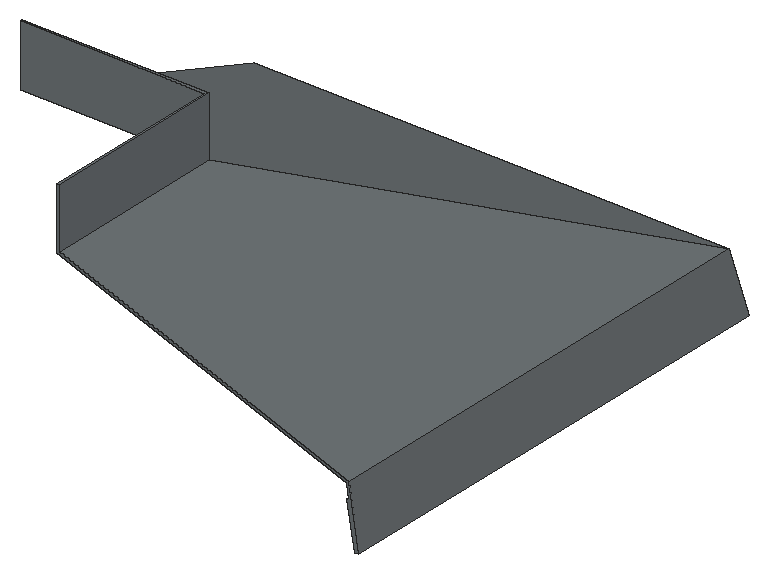
Revit family "BIMLIB_УголОтливаВнешний_GRANDLINE", category Обобщенные модели, Revit 2017
Family settings
  Может служить основой для арматурных стержней = Нет
  Размер круглого соединителя = Использовать диаметр
  Тип детали = Нормальный
  На основе рабочей плоскости = Да
  Всегда вертикально = Нет
  При загрузке вырезать с полостями = Нет
  Общий = Нет
  Точка расчета площади = Нет
Parameters (values of type "100мм")
  Поворот_Длина = 60 mm
  Default Elevation = 0 mm
  Описание = ADSK_Наименование  # "Угол отлива внешний 100"
  Изготовитель = "Grand Line"  # constant formula
  Watermark [instance] = "Модели защищены уникальным кодом"
  URL = "https://www.grandline.ru"
  BL_Разработано = "support@bimlib.pro"
  BL_Email = "info@grandline.ru"
  BL_BIM library = "https://bimlib.pro/manufacturer/company/22430"
  ADSK_Размер_Глубина = 100 mm
  ADSK_Обозначение = "ГОСТ 19904-90, ГОСТ 14918-80"
  ADSK_Наименование = "Угол отлива внешний 100"
  ADSK_Материал тип подсчета = 0  # constant formula
  ADSK_Материал = GL_Drap_RAL7016
  ADSK_Масса_Текст = ""
  ADSK_Масса = 0
  ADSK_Марка = ""
  ADSK_Количество [instance] = 1  # constant formula
  ADSK_Код изделия = ""
  ADSK_Завод-изготовитель = "Grand Line"  # constant formula
  ADSK_Единица измерения = "шт"  # constant formula
  ADSK_Группирование = "Доборные элементы"  # constant formula
  ADSK_Версия Revit = "2017"  # constant formula
  ADSK_URL страницы изделия = "https://www.grandline.ru/katalog/fasad/dobornye-elementy-fasada/ugol-otliva/ugol-otliva-100/ugol-otliva-100-vnesnij/"
  ADSK_URL документации изделия = "https://www.grandline.ru/uploads/files/chertezhi_vse/dobornye_elementy/de_saiyding_fasad/Otliv_prostoiy_100.jpg"
Types (5, lengths in mm): name | Описание | ADSK_Размер_Глубина | ADSK_Наименование | ADSK_URL страницы изделия | ADSK_URL документации изделия
  50мм | "Угол отлива внешний 50" | 50 | "Угол отлива внешний 50" | "https://www.grandline.ru/katalog/fasad/dobornye-elementy-fasada/ugol-otliva/ugol-otliva-50/ugol-otliva-50-vnesnij/" | "https://www.grandline.ru/uploads/files/chertezhi_vse/dobornye_elementy/de_saiyding_fasad/Otliv_prostoiy_50.jpg"
  100мм | "Угол отлива внешний 100" | 100 | "Угол отлива внешний 100" | "https://www.grandline.ru/katalog/fasad/dobornye-elementy-fasada/ugol-otliva/ugol-otliva-100/ugol-otliva-100-vnesnij/" | "https://www.grandline.ru/uploads/files/chertezhi_vse/dobornye_elementy/de_saiyding_fasad/Otliv_prostoiy_100.jpg"
  150мм | "Угол отлива внешний 150" | 150 | "Угол отлива внешний 150" | "https://www.grandline.ru/katalog/fasad/dobornye-elementy-fasada/ugol-otliva/ugol-otliva-150/ugol-otliva-150-vnesnij/" | "https://www.grandline.ru/uploads/files/chertezhi_vse/dobornye_elementy/de_saiyding_fasad/Otliv_prostoiy_150.jpg"
  200мм | "Угол отлива внешний 200" | 200 | "Угол отлива внешний 200" | "https://www.grandline.ru/katalog/fasad/dobornye-elementy-fasada/ugol-otliva/ugol-otliva-200/ugol-otliva-200-vnesnij/" | "https://www.grandline.ru/uploads/files/chertezhi_vse/dobornye_elementy/de_saiyding_fasad/Otliv_prostoiy_200.jpg"
  250мм | "Угол отлива внешний 250" | 250 | "Угол отлива внешний 250" | "https://www.grandline.ru/katalog/fasad/dobornye-elementy-fasada/ugol-otliva/ugol-otliva-250/ugol-otliva-250-vnesnij/" | "https://www.grandline.ru/uploads/files/chertezhi_vse/dobornye_elementy/de_saiyding_fasad/Otliv_prostoiy_250.jpg"
Reference planes
  plane 1 "По центру (Вперед/Назад)": y = 0
  plane 2: z = 0
  plane 3 "По центру (Влево/Вправо)": x = 0
  plane 4: x = -60
  plane 5: y = -60
Forms (mm)
  Sweep 1, solid, material "GL_Drap_RAL7016" <- "ADSK_Материал"
    path origin (0, 0, 0) x (1, 0, 0) y (0, 1, 0)
      loop
        line (-60, 0) -> (0, 0) -> (0, -60)
    profile "Профиль_ОтливПростой : Профиль" origin (-30, 0, 0) x (0, 1, 0) y (0, 0, 1)
      loop
        line (0, 34.202) -> (94.062, -0.034) -> (94.85, -4.503) -> (94.062, -4.642) -> (96.667, -19.414) -> (98.242, -19.136) -> (94.769, 0.56) -> (0.8, 34.762) -> (0.8, 54.202) -> (0, 54.202) -> (0, 34.202)
Dimensions and locks
  "Поворот_Длина": plane 5 to plane 1 "По центру (Вперед/Назад)"
  "Поворот_Длина": plane 4 to plane 3 "По центру (Влево/Вправо)"
  aligned and locked: level to plane 2
  aligned and locked: Sweep 1 sketch curve to plane 3 "По центру (Влево/Вправо)"
  aligned and locked: plane 4 to Sweep 1 sketch curve
  aligned and locked: plane 1 "По центру (Вперед/Назад)" to Sweep 1 sketch curve
  aligned and locked: plane 5 to Sweep 1 sketch curve
